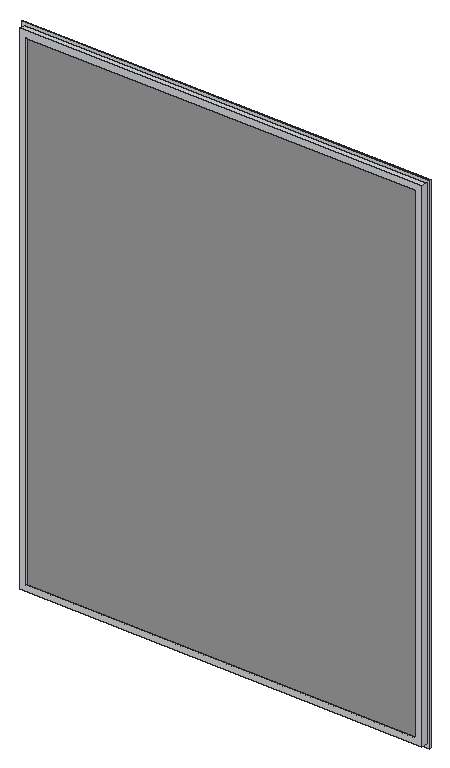
Revit family "WLV_A3-Kitchen-Extraction-Louvre", category Windows, host Wall, Revit 2016
Family settings
  Host = Wall
  Always vertical = Yes
  Cut with Voids When Loaded = No
  Shared = No
  Room Calculation Point = No
Parameters (values of type "Kitchen Extraction Louvre - 2000w x 2500mm High")
  Height = 2500 mm
  Default Sill Height = 0 mm
  Wall Closure = By host
  Width = 2000 mm
  Construction Type = ""
  Assembly Code = ""
Types (2, lengths in mm): name | Height | Width
  Kitchen Extraction Louvre - 2100w x 1800mm High | 1800 | 2100
  Kitchen Extraction Louvre - 2000w x 2500mm High | 2500 | 2000
Reference planes
  plane 1: y = 0
  plane 2 "Center (Left/Right)": x = 0
  plane 3 "Left": x = -1000
  plane 4 "Right": x = 1000
  plane 5 "Sill": z = 0
  plane 6 "Head": z = 2500
  plane 7 "Exterior": y = 172.5
  plane 8 "Interior": y = -172.5
  plane 9 "frame ref": y = -57.5
  plane 10 "louvre ref": y = -45
  plane 11 "exterior face": y = 172.5
Forms (mm)
  Extrusion 1, solid, material "Louvres"
    sketch origin (0, 172.5, 0) x (-1, 0, 0) y (0, 0, 1)
      loop
        line (995, 2495) -> (-995, 2495) -> (-995, 5) -> (995, 5) -> (995, 2495)
    from 0 to -25
  Sweep 2, solid
    path origin (0, 172.5, 0) x (-1, 0, 0) y (0, 0, 1)
      loop
        line (-1000, 2500) -> (-1000, 0) -> (1000, 0) -> (1000, 2500) -> (-1000, 2500)
    profile origin (0, 172.5, 2500) x (0, 0, 1) y (0, 1, 0)
      loop
        line (0, 0) -> (15, 0) -> (15, 5) -> (-5, 5) -> (-5, -25) -> (-30, -25) -> (-30, -30) -> (0, -30) -> (0, 0)
Lines and regions (mm)
  Opening 1
    outline origin (3500, -172.5, 0) x (1, 0, 0) y (0, 0, 1)
      loop
        line (-2500, 0) -> (-2500, 2500) -> (-4500, 2500) -> (-4500, 0) -> (-2500, 0)
Text (mm)
  text "EXTERIOR" at (-1963.203, 1332.353, 0), in view "Ref. Level"
  text "INTERIOR" at (-1981.466, -818.386, 0), in view "Ref. Level"
  text "Exterior" at (0, 923.751, 2943.296), in view "Right"
  text "Exterior" at (0, 1040.484, 2685.409), in view "Left"
Dimensions and locks
  equal spacing: plane 3 "Left", plane 2 "Center (Left/Right)", plane 4 "Right"
  "Width": plane 3 "Left" to plane 4 "Right"
  "Height": plane 5 "Sill" to plane 6 "Head"
  "Default Sill Height": plane 5 "Sill" to level
  locked: plane 7 "Exterior" to host wall at 0
  locked: plane 8 "Interior" to host wall
  locked: plane 9 "frame ref" to plane 8 "Interior" at 115
  locked: plane 10 "louvre ref" to plane 9 "frame ref" at 12.5
  aligned and locked: Extrusion 1 to Sweep 2  (x5)
  aligned and locked: plane 11 "exterior face" to plane 7 "Exterior"
Automatic sketch dimensions
  Opening 1 sketch curve to plane 3 "Left" = 0 mm
  Opening 1 sketch curve to plane 4 "Right" = 0 mm
  Opening 1 sketch curve to plane 5 "Sill" = 0 mm
  Opening 1 sketch curve to plane 6 "Head" = 0 mm
  plane 4 "Right" to Extrusion 1 sketch curve = 5 mm
  Extrusion 1 sketch curve to plane 3 "Left" = 5 mm
  level to Extrusion 1 sketch curve = 5 mm
  plane 6 "Head" to Extrusion 1 sketch curve = 5 mm
  Sweep 2 sketch curve to level = 0 mm
  Sweep 2 sketch curve to plane 4 "Right" = 0 mm
  Sweep 2 sketch curve to plane 3 "Left" = 0 mm
  Sweep 2 sketch curve to plane 6 "Head" = 0 mm
  Sweep 2 sketch curve to profile plane = 0 mm
  Sweep 2 sketch curve to plane 11 "exterior face" = 0 mm
  profile plane to Sweep 2 sketch curve = 5 mm
  Sweep 2 sketch curve to Sweep 2 sketch curve = 25 mm
  Sweep 2 sketch curve to profile plane = 15 mm
  Sweep 2 sketch curve to plane 11 "exterior face" = 25 mm
  Sweep 2 sketch curve to Sweep 2 sketch curve = 5 mm
  plane 11 "exterior face" to Sweep 2 sketch curve = 5 mm
